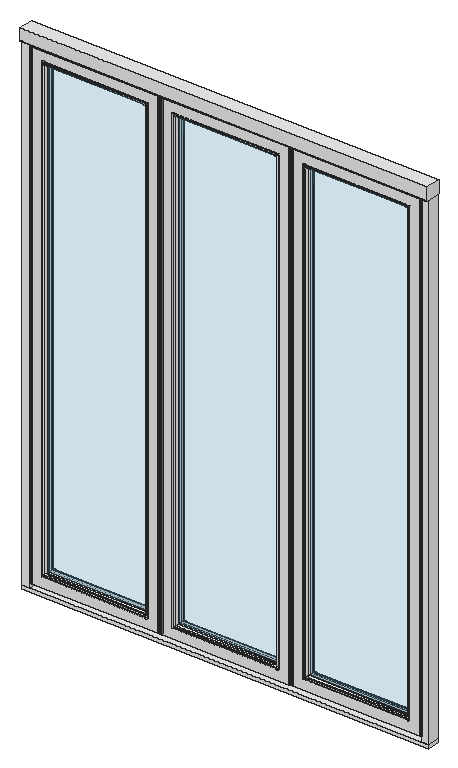
Revit family "Window-NanaWall-WA-67", category Windows, host Wall, Revit 2013 (continued)
Definition of nested family "Left-Jamb_WA-67"
  Definition of nested family "Left-Jamb_Nana_Walls-WD-67"
    Lines and regions (in)
      model lines, style "DetailComponents", in view "Ref. Level", visible <- "Half Peice"
        curve 306: line (5.19599, -0.37884, 0) -> (5.16226, -0.36955, 0)
        curve 307: line (5.19611, -0.53, 0) -> (5.20468, -0.53, 0)
        curve 308: line (5.29603, -0.52212, 0) -> (5.29603, -0.49878, 0)
        curve 309: line (5.29603, -0.49878, 0) -> (5.33085, -0.52814, 0)
        curve 310: line (5.24825, -0.52212, 0) -> (5.24825, -0.49878, 0)
        curve 311: line (5.24825, -0.49878, 0) -> (5.28308, -0.52814, 0)
        curve 312: line (5.26193, -0.3531, 0) -> (5.24501, -0.37895, 0)
        curve 313: line (5.37013, -0.3531, 0) -> (5.27186, -0.37965, 0)
        curve 314: line (5.27186, -0.37965, 0) -> (5.27186, -0.36071, 0)
        curve 315: line (5.41087, -0.55641, 0) -> (5.40754, -0.56555, 0)
        curve 316: line (5.39543, -0.53024, 0) -> (5.3438, -0.52212, 0)
        curve 317: line (5.34646, 0.86764, 0) -> (5.31496, 0.86764, 0)
        curve 318: line (5.31496, 0.86764, 0) -> (5.31496, 0.82827, 0)
        curve 319: line (5.31496, 0.82827, 0) -> (5.31496, 0.86764, 0)
        curve 320: line (5.35249, 0.88058, 0) -> (5.31969, 0.91966, 0)
        curve 321: line (5.47244, 0.69048, 0) -> (5.47244, 0.72372, 0)
        curve 322: line (5.40503, 0.82827, 0) -> (5.31496, 0.82827, 0)
        curve 323: line (5.33729, 0.67079, 0) -> (5.45276, 0.67079, 0)
        curve 324: line (5.20761, 0.87748, 0) -> (5.18488, 0.91685, 0)
        curve 325: line (5.12598, 0.86764, 0) -> (5.15748, 0.86764, 0)
        curve 326: line (5.24778, 0.86764, 0) -> (5.22466, 0.86764, 0)
        curve 327: line (5.15275, 0.91966, 0) -> (5.11995, 0.88058, 0)
        curve 328: line (5.28756, 0.91685, 0) -> (5.26483, 0.87748, 0)
        curve 329: line (5.15748, 0.82827, 0) -> (5.15748, 0.86764, 0)
        curve 330: line (5.15748, 0.86764, 0) -> (5.15748, 0.82827, 0)
        curve 331: line (5.15748, 0.82827, 0) -> (5.11811, 0.82827, 0)
        curve 332: line (5.11811, 0.82827, 0) -> (5.11811, 0.80859, 0)
        curve 333: line (5.1378, 0.7889, 0) -> (5.25764, 0.7889, 0)
        curve 334: line (1.87008, 1.24815, 0) -> (1.87008, 0.90381, 0)
        curve 335: line (1.87008, 0.90381, 0) -> (1.95868, 0.83712, 0)
        curve 336: line (1.83071, 0.56449, 0) -> (1.83071, 1.00544, 0)
        curve 337: line (1.95868, 0.83712, 0) -> (2.05512, 0.9105, 0)
        curve 338: line (2.05512, 0.9105, 0) -> (2.05512, 1.25485, 0)
        curve 339: line (2.08661, 0.56449, 0) -> (2.08661, 1.2889, 0)
        curve 340: line (2.08661, 1.2889, 0) -> (2.08661, 0.56449, 0)
        curve 341: line (1.95356, 0.81022, 0) -> (1.87008, 0.87281, 0)
        curve 342: line (1.87008, 0.87281, 0) -> (1.87008, 0.59205, 0)
        curve 343: line (1.87008, 0.59205, 0) -> (2.05512, 0.59205, 0)
        curve 344: line (2.0748, 0.55268, 0) -> (1.84252, 0.55268, 0)
        curve 345: line (2.05512, 0.59205, 0) -> (2.05512, 0.8795, 0)
        curve 346: line (2.05512, 0.8795, 0) -> (1.96376, 0.81022, 0)
        curve 347: line (1.85804, 1.2979, 0) -> (1.95866, 1.22096, 0)
        curve 348: line (1.95356, 1.19407, 0) -> (1.87657, 1.25115, 0)
        curve 349: line (2.06693, 1.30071, 0) -> (2.0748, 1.30071, 0)
        curve 350: line (1.95866, 1.22096, 0) -> (2.05928, 1.2979, 0)
        curve 351: line (2.04863, 1.25785, 0) -> (1.96376, 1.19407, 0)
        curve 352: line (1.74721, 1.22488, 0) -> (1.68453, 1.13675, 0)
        curve 353: line (1.78543, 1.0399, 0) -> (1.81102, 1.02512, 0)
        curve 354: line (1.74118, 1.14848, 0) -> (1.71645, 1.1137, 0)
        curve 355: line (1.71645, 1.1137, 0) -> (1.74118, 1.07893, 0)
        curve 356: line (1.68453, 1.09066, 0) -> (1.74721, 1.00253, 0)
        curve 357: line (1.79329, 1.14217, 0) -> (1.75395, 1.15302, 0)
        curve 358: line (1.76794, 1.00533, 0) -> (1.77976, 1.03783, 0)
        curve 359: line (1.75395, 1.07439, 0) -> (1.79329, 1.08524, 0)
        curve 360: line (1.81102, 1.20229, 0) -> (1.78543, 1.18751, 0)
        curve 361: line (1.84252, 1.30071, 0) -> (1.85039, 1.30071, 0)
        curve 362: line (1.77976, 1.18958, 0) -> (1.76794, 1.22207, 0)
        curve 364: line (2.30315, 1.24815, 0) -> (2.30315, 0.90381, 0)
        curve 365: line (2.30315, 0.90381, 0) -> (2.21455, 0.83712, 0)
        curve 366: line (2.34252, 0.56449, 0) -> (2.34252, 1.00544, 0)
        curve 367: line (2.21455, 0.83712, 0) -> (2.11811, 0.9105, 0)
        curve 368: line (2.11811, 0.9105, 0) -> (2.11811, 1.25485, 0)
        curve 369: line (2.21967, 0.81022, 0) -> (2.30315, 0.87281, 0)
        curve 370: line (2.30315, 0.87281, 0) -> (2.30315, 0.59205, 0)
        curve 371: line (2.30315, 0.59205, 0) -> (2.11811, 0.59205, 0)
        curve 372: line (2.09843, 0.55268, 0) -> (2.33071, 0.55268, 0)
        curve 373: line (2.11811, 0.59205, 0) -> (2.11811, 0.8795, 0)
        curve 374: line (2.11811, 0.8795, 0) -> (2.20947, 0.81022, 0)
        curve 375: line (2.31519, 1.2979, 0) -> (2.21457, 1.22096, 0)
        curve 376: line (2.21967, 1.19407, 0) -> (2.29666, 1.25115, 0)
        curve 377: line (2.1063, 1.30071, 0) -> (2.09843, 1.30071, 0)
        curve 378: line (2.21457, 1.22096, 0) -> (2.11395, 1.2979, 0)
        curve 379: line (2.1246, 1.25785, 0) -> (2.20947, 1.19407, 0)
        curve 380: line (2.42602, 1.22488, 0) -> (2.4887, 1.13675, 0)
        curve 381: line (2.3878, 1.0399, 0) -> (2.3622, 1.02512, 0)
        curve 382: line (2.43204, 1.14848, 0) -> (2.45678, 1.1137, 0)
        curve 383: line (2.45678, 1.1137, 0) -> (2.43204, 1.07893, 0)
        curve 384: line (2.4887, 1.09066, 0) -> (2.42602, 1.00253, 0)
        curve 385: line (2.37994, 1.14217, 0) -> (2.41928, 1.15302, 0)
        curve 386: line (2.40529, 1.00533, 0) -> (2.39346, 1.03783, 0)
        curve 387: line (2.41928, 1.07439, 0) -> (2.37994, 1.08524, 0)
        curve 388: line (2.3622, 1.20229, 0) -> (2.3878, 1.18751, 0)
        curve 389: line (2.33071, 1.30071, 0) -> (2.32283, 1.30071, 0)
        curve 390: line (2.39346, 1.18958, 0) -> (2.40529, 1.22207, 0)
        curve 391: line (2.34252, 1.2889, 0) -> (2.34252, 1.22197, 0)
        curve 392: line (2.44094, -0.59447, 0) -> (2.34252, -0.60308, 0)
        curve 393: line (1.75494, -0.79436, 0) -> (1.83071, -0.82527, 0)
        curve 394: line (1.83071, -0.82527, 0) -> (1.83071, -1.04181, 0)
        curve 395: line (1.82014, -0.72141, 0) -> (1.7947, -0.73067, 0)
        curve 396: line (1.7947, -0.73067, 0) -> (1.69257, -0.73067, 0)
        curve 397: line (1.69257, -0.73067, 0) -> (1.68019, -0.74032, 0)
        curve 398: line (1.83071, -0.58905, 0) -> (1.83071, -0.67567, 0)
        curve 399: line (1.83071, -0.67567, 0) -> (1.73498, -0.71051, 0)
        curve 400: line (1.71258, -0.77282, 0) -> (1.72549, -0.76228, 0)
        curve 401: line (1.72549, -0.76228, 0) -> (1.78053, -0.76228, 0)
        curve 402: line (1.78053, -0.76228, 0) -> (1.81986, -0.77832, 0)
        curve 403: line (1.63254, -0.7524, 0) -> (1.70735, -0.81933, 0)
        curve 404: line (1.67978, -0.7524, 0) -> (1.70235, -0.77259, 0)
        curve 405: line (1.70869, -0.68127, 0) -> (1.63295, -0.74032, 0)
        curve 406: line (1.72453, -0.70448, 0) -> (1.72129, -0.68611, 0)
        curve 407: line (1.71758, -0.81956, 0) -> (1.74699, -0.79555, 0)
        curve 408: line (1.83071, -0.77103, 0) -> (1.83071, -0.72881, 0)
        curve 409: line (2.08661, -0.58905, 0) -> (2.08661, -1.04181, 0)
        curve 410: line (2.08661, -1.04181, 0) -> (2.08661, -0.58905, 0)
        curve 411: line (2.05118, -0.58511, 0) -> (2.05118, -0.82854, 0)
        curve 412: line (2.05118, -0.82854, 0) -> (1.95866, -0.74913, 0)
        curve 413: line (1.95866, -0.74913, 0) -> (1.86614, -0.82854, 0)
        curve 414: line (1.86614, -0.82854, 0) -> (1.86614, -0.58511, 0)
        curve 415: line (2.04724, -0.54968, 0) -> (1.87008, -0.54968, 0)
        curve 416: line (1.86614, -0.58511, 0) -> (2.05118, -0.58511, 0)
        curve 417: line (1.85039, -1.06149, 0) -> (1.86734, -1.06149, 0)
        curve 418: line (1.86734, -1.06149, 0) -> (1.95866, -0.98275, 0)
        curve 419: line (1.95866, -0.98275, 0) -> (2.04999, -1.06149, 0)
        curve 420: line (2.04999, -1.06149, 0) -> (2.06693, -1.06149, 0)
        curve 421: line (1.86614, -1.02606, 0) -> (1.86614, -0.86464, 0)
        curve 422: line (1.86614, -0.86464, 0) -> (1.95866, -0.78523, 0)
        curve 423: line (1.95866, -0.78523, 0) -> (2.05118, -0.86464, 0)
        curve 424: line (2.05118, -0.86464, 0) -> (2.05118, -1.02606, 0)
        curve 425: line (2.05118, -1.02606, 0) -> (1.95866, -0.94665, 0)
        curve 426: line (1.95866, -0.94665, 0) -> (1.86614, -1.02606, 0)
        curve 427: line (2.41829, -0.79436, 0) -> (2.34252, -0.82527, 0)
        curve 428: line (2.34252, -0.82527, 0) -> (2.34252, -1.04181, 0)
        curve 429: line (2.35309, -0.72141, 0) -> (2.37853, -0.73067, 0)
        curve 430: line (2.37853, -0.73067, 0) -> (2.48066, -0.73067, 0)
        curve 431: line (2.48066, -0.73067, 0) -> (2.49304, -0.74032, 0)
        curve 432: line (2.34252, -0.58905, 0) -> (2.34252, -0.67567, 0)
        curve 433: line (2.34252, -0.67567, 0) -> (2.43825, -0.71051, 0)
        curve 434: line (2.46065, -0.77282, 0) -> (2.44774, -0.76228, 0)
        curve 435: line (2.44774, -0.76228, 0) -> (2.39269, -0.76228, 0)
        curve 436: line (2.39269, -0.76228, 0) -> (2.35337, -0.77832, 0)
        curve 437: line (2.54068, -0.7524, 0) -> (2.46588, -0.81933, 0)
        curve 438: line (2.49345, -0.7524, 0) -> (2.47088, -0.77259, 0)
        curve 439: line (2.46453, -0.68127, 0) -> (2.54027, -0.74032, 0)
        curve 440: line (2.4487, -0.70448, 0) -> (2.45194, -0.68611, 0)
        curve 441: line (2.45565, -0.81956, 0) -> (2.42624, -0.79555, 0)
        curve 442: line (2.34252, -0.77103, 0) -> (2.34252, -0.72881, 0)
        curve 443: line (2.12205, -0.58511, 0) -> (2.12205, -0.82854, 0)
        curve 444: line (2.12205, -0.82854, 0) -> (2.21457, -0.74913, 0)
        curve 445: line (2.21457, -0.74913, 0) -> (2.30709, -0.82854, 0)
        curve 446: line (2.30709, -0.82854, 0) -> (2.30709, -0.58511, 0)
        curve 447: line (2.12598, -0.54968, 0) -> (2.30315, -0.54968, 0)
        curve 448: line (2.30709, -0.58511, 0) -> (2.12205, -0.58511, 0)
        curve 449: line (2.32283, -1.06149, 0) -> (2.30589, -1.06149, 0)
        curve 450: line (2.30589, -1.06149, 0) -> (2.21457, -0.98275, 0)
        curve 451: line (2.21457, -0.98275, 0) -> (2.12324, -1.06149, 0)
        curve 452: line (2.12324, -1.06149, 0) -> (2.1063, -1.06149, 0)
        curve 453: line (2.30709, -1.02606, 0) -> (2.30709, -0.86464, 0)
        curve 454: line (2.30709, -0.86464, 0) -> (2.21457, -0.78523, 0)
        curve 455: line (2.21457, -0.78523, 0) -> (2.12205, -0.86464, 0)
        curve 456: line (2.12205, -0.86464, 0) -> (2.12205, -1.02606, 0)
        curve 457: line (2.12205, -1.02606, 0) -> (2.21457, -0.94665, 0)
        curve 458: line (2.21457, -0.94665, 0) -> (2.30709, -1.02606, 0)
        curve 459: line (4.70472, 1.22197, 0) -> (4.90157, 1.22197, 0)
        curve 460: line (3.27756, -1.29921, 0) -> (2.34252, -1.29921, 0)
        curve 461: line (2.34252, -1.29921, 0) -> (2.34252, -1.05315, 0)
        curve 462: line (2.34252, 1.30071, 0) -> (4.70472, 1.30071, 0)
        curve 463: line (4.70472, 1.30071, 0) -> (4.70472, -1.29771, 0)
        curve 464: line (4.70472, -1.29771, 0) -> (2.34252, -1.29771, 0)
        curve 465: line (2.34252, -1.29771, 0) -> (2.34252, 1.30071, 0)
        curve 466: arc (2.55906, 0.20452, 0) -> (2.56805, 0.15932, 0) -> (2.59365, 0.12101, 0) r 0.11811
        curve 467: arc (2.59365, -0.11801, 0) -> (2.56805, -0.15632, 0) -> (2.55906, -0.20152, 0) r 0.11811
        curve 468: arc (2.3622, -0.60874, 0) -> (2.34829, -0.6145, 0) -> (2.34252, -0.62842, 0) r 0.01969
        curve 469: arc (2.34252, -0.65755, 0) -> (2.34608, -0.66885, 0) -> (2.35547, -0.67605, 0) r 0.01969
        curve 470: arc (2.35547, 0.67905, 0) -> (2.34608, 0.67184, 0) -> (2.34252, 0.66055, 0) r 0.01969
        curve 471: arc (2.34252, 0.63142, 0) -> (2.34829, 0.6175, 0) -> (2.3622, 0.61174, 0) r 0.01969
        curve 472: arc (2.77559, -0.80559, 0) -> (2.76406, -0.77775, 0) -> (2.73622, -0.76622, 0) r 0.03937
        curve 473: arc (2.61811, -0.76622, 0) -> (2.62964, -0.79406, 0) -> (2.65748, -0.80559, 0) r 0.03937
        curve 474: arc (2.81496, -0.66779, 0) -> (2.80343, -0.63995, 0) -> (2.77559, -0.62842, 0) r 0.03937
        curve 475: arc (2.64042, -0.10766, 0) -> (2.62596, -0.09717, 0) -> (2.60896, -0.10269, 0) r 0.01969
        curve 476: arc (2.65692, -0.24895, 0) -> (2.72651, -0.29066, 0) -> (2.80438, -0.31346, 0) r 0.3189
        curve 477: arc (2.64042, -0.10766, 0) -> (2.68869, -0.1724, 0) -> (2.75569, -0.21747, 0) r 0.24016
        curve 478: arc (2.65692, -0.24895, 0) -> (2.64445, -0.2476, 0) -> (2.6378, -0.25822, 0) r 0.01181
        curve 479: arc (2.81496, -0.31346, 0) -> (2.8428, -0.30193, 0) -> (2.85433, -0.27409, 0) r 0.03937
        curve 480: arc (2.75569, -0.21747, 0) -> (2.77446, -0.21605, 0) -> (2.78346, -0.19952, 0) r 0.01969
        curve 481: arc (2.75569, 0.22047, 0) -> (2.68869, 0.17539, 0) -> (2.64042, 0.11066, 0) r 0.24016
        curve 482: arc (2.80438, 0.31646, 0) -> (2.72651, 0.29366, 0) -> (2.65692, 0.25195, 0) r 0.3189
        curve 483: arc (2.60896, 0.10569, 0) -> (2.62596, 0.10017, 0) -> (2.64042, 0.11066, 0) r 0.01969
        curve 484: arc (2.6378, 0.26122, 0) -> (2.64445, 0.2506, 0) -> (2.65692, 0.25195, 0) r 0.01181
        curve 485: arc (2.85433, 0.27709, 0) -> (2.8428, 0.30493, 0) -> (2.81496, 0.31646, 0) r 0.03937
        curve 486: arc (2.78346, 0.20252, 0) -> (2.77446, 0.21905, 0) -> (2.75569, 0.22047, 0) r 0.01969
        curve 487: arc (2.73622, 0.76922, 0) -> (2.76406, 0.78075, 0) -> (2.77559, 0.80859, 0) r 0.03937
        curve 488: arc (2.65748, 0.80859, 0) -> (2.62964, 0.79706, 0) -> (2.61811, 0.76922, 0) r 0.03937
        curve 489: arc (2.77559, 0.63142, 0) -> (2.80343, 0.64295, 0) -> (2.81496, 0.67079, 0) r 0.03937
        curve 490: arc (2.3622, 1.02512, 0) -> (2.34829, 1.01936, 0) -> (2.34252, 1.00544, 0) r 0.01969
        curve 491: arc (2.34252, 1.22197, 0) -> (2.34829, 1.20805, 0) -> (2.3622, 1.20229, 0) r 0.01969
        curve 492: arc (2.5315, 1.24166, 0) -> (2.52573, 1.25558, 0) -> (2.51181, 1.26134, 0) r 0.01969
        curve 493: arc (2.45276, 1.21607, 0) -> (2.46668, 1.22183, 0) -> (2.47244, 1.23575, 0) r 0.01969
        curve 494: arc (2.5315, 0.9267, 0) -> (2.57882, 0.9463, 0) -> (2.59843, 0.99363, 0) r 0.06693
        curve 495: arc (2.51181, 0.96607, 0) -> (2.52573, 0.97183, 0) -> (2.5315, 0.98575, 0) r 0.01969
        curve 496: arc (2.47244, 0.99166, 0) -> (2.46668, 1.00558, 0) -> (2.45276, 1.01134, 0) r 0.01969
        curve 497: arc (2.85433, 1.16292, 0) -> (2.87163, 1.12116, 0) -> (2.91339, 1.10386, 0) r 0.05906
        curve 498: arc (4.70472, 1.12355, 0) -> (4.69896, 1.13747, 0) -> (4.68504, 1.14323, 0) r 0.01969
        curve 499: arc (4.66535, 1.04481, 0) -> (4.68504, 1.02512, 0) -> (4.70472, 1.04481, 0) r 0.01969
        curve 500: arc (4.43701, 0.90701, 0) -> (4.40917, 0.89548, 0) -> (4.39764, 0.86764, 0) r 0.03937
        curve 501: arc (4.39764, 0.76968, 0) -> (4.41257, 0.75022, 0) -> (4.43523, 0.7596, 0) r 0.02015
        curve 502: arc (4.70472, 0.31646, 0) -> (4.68743, 0.35822, 0) -> (4.64567, 0.37552, 0) r 0.05906
        curve 503: arc (4.51575, 0.25741, 0) -> (4.53543, 0.23772, 0) -> (4.55512, 0.25741, 0) r 0.01969
        curve 504: arc (3.83071, 1.10386, 0) -> (3.87247, 1.12116, 0) -> (3.88976, 1.16292, 0) r 0.05906
        curve 505: arc (5.06693, 0.87945, 0) -> (5.08192, 0.84326, 0) -> (5.11811, 0.82827, 0) r 0.05118
        curve 506: arc (5.12598, 1.00544, 0) -> (5.08423, 0.98814, 0) -> (5.06693, 0.94638, 0) r 0.05906
        curve 507: arc (5.34252, 1.02512, 0) -> (5.28256, 1.16988, 0) -> (5.1378, 1.22985, 0) r 0.20472
        curve 508: arc (5.41339, 1.02512, 0) -> (5.33267, 1.21999, 0) -> (5.1378, 1.30071, 0) r 0.27559
        curve 509: arc (5.33465, 1.00544, 0) -> (5.34021, 1.00774, 0) -> (5.34252, 1.01331, 0) r 0.00787
        curve 510: arc (5.01181, 1.10386, 0) -> (5.05357, 1.12116, 0) -> (5.07087, 1.16292, 0) r 0.05906
        curve 511: arc (2.34252, -1.19929, 0) -> (2.37135, -1.26888, 0) -> (2.44094, -1.29771, 0) r 0.09843
        curve 512: arc (2.42126, -0.82527, 0) -> (2.36558, -0.84833, 0) -> (2.34252, -0.90401, 0) r 0.07874
        curve 513: arc (3.0315, 0.9267, 0) -> (2.9619, 0.89787, 0) -> (2.93307, 0.82827, 0) r 0.09843
        curve 514: arc (4.62598, -1.29771, 0) -> (4.68166, -1.27465, 0) -> (4.70472, -1.21897, 0) r 0.07874
        curve 515: arc (4.62598, -1.29771, 0) -> (4.68166, -1.27465, 0) -> (4.70472, -1.21897, 0) r 0.07874
        curve 516: arc (4.70472, -1.01896, 0) -> (4.70012, -1.0063, 0) -> (4.68846, -0.99957, 0) r 0.01969
        curve 517: arc (4.6063, -0.96856, 0) -> (4.6109, -0.98122, 0) -> (4.62257, -0.98795, 0) r 0.01969
        curve 518: arc (4.68846, -0.82814, 0) -> (4.70012, -0.82141, 0) -> (4.70472, -0.80875, 0) r 0.01969
        curve 519: arc (4.62257, -0.83976, 0) -> (4.6109, -0.84649, 0) -> (4.6063, -0.85914, 0) r 0.01969
        curve 562: line (2.61811, -0.76622, 0) -> (2.61811, -0.66779, 0)
        curve 563: line (2.61811, -0.66779, 0) -> (2.44094, -0.66779, 0)
        curve 564: line (2.44094, -0.66779, 0) -> (2.44094, -0.70716, 0)
        curve 565: line (2.44094, -0.70716, 0) -> (2.35547, -0.67605, 0)
        curve 566: line (2.34252, -0.65755, 0) -> (2.34252, -0.62842, 0)
        curve 567: line (2.3622, -0.60874, 0) -> (2.55906, -0.60874, 0)
        curve 568: line (2.55906, -0.60874, 0) -> (2.55906, -0.45203, 0)
        curve 569: line (2.55906, -0.45203, 0) -> (2.57087, -0.43157, 0)
        curve 570: line (2.57087, -0.43157, 0) -> (2.55906, -0.41111, 0)
        curve 571: line (2.55906, -0.41111, 0) -> (2.55906, -0.20152, 0)
        curve 572: line (2.35547, 0.67905, 0) -> (2.44094, 0.71016, 0)
        curve 573: line (2.44094, 0.71016, 0) -> (2.44094, 0.67079, 0)
        curve 574: line (2.44094, 0.67079, 0) -> (2.61811, 0.67079, 0)
        curve 575: line (2.61811, 0.67079, 0) -> (2.61811, 0.76922, 0)
        curve 576: line (2.55906, 0.20452, 0) -> (2.55906, 0.41411, 0)
        curve 577: line (2.55906, 0.41411, 0) -> (2.57087, 0.43457, 0)
        curve 578: line (2.57087, 0.43457, 0) -> (2.55906, 0.45503, 0)
        curve 579: line (2.55906, 0.45503, 0) -> (2.55906, 0.61174, 0)
        curve 580: line (2.55906, 0.61174, 0) -> (2.3622, 0.61174, 0)
        curve 581: line (2.34252, 0.63142, 0) -> (2.34252, 0.66055, 0)
        curve 582: line (2.6378, -0.25822, 0) -> (2.6378, -0.62842, 0)
        curve 583: line (2.6378, -0.62842, 0) -> (2.77559, -0.62842, 0)
        curve 584: line (2.77559, -0.80559, 0) -> (2.65748, -0.80559, 0)
        curve 585: line (2.81496, -0.66779, 0) -> (2.65748, -0.66779, 0)
        curve 586: line (2.65748, -0.66779, 0) -> (2.65748, -0.76622, 0)
        curve 587: line (2.65748, -0.76622, 0) -> (2.73622, -0.76622, 0)
        curve 588: line (2.77559, 0.63142, 0) -> (2.6378, 0.63142, 0)
        curve 589: line (2.6378, 0.63142, 0) -> (2.6378, 0.26122, 0)
        curve 590: line (2.78346, -0.19952, 0) -> (2.78346, 0.20252, 0)
        curve 591: line (2.85433, 0.27709, 0) -> (2.85433, -0.27409, 0)
        curve 592: line (2.59365, -0.11801, 0) -> (2.60896, -0.10269, 0)
        curve 593: line (2.81496, -0.31346, 0) -> (2.80438, -0.31346, 0)
        curve 594: line (2.60896, 0.10569, 0) -> (2.59365, 0.12101, 0)
        curve 595: line (2.80438, 0.31646, 0) -> (2.81496, 0.31646, 0)
        curve 596: line (2.65748, 0.80859, 0) -> (2.77559, 0.80859, 0)
        curve 597: line (2.73622, 0.76922, 0) -> (2.65748, 0.76922, 0)
        curve 598: line (2.65748, 0.76922, 0) -> (2.65748, 0.67079, 0)
        curve 599: line (2.65748, 0.67079, 0) -> (2.81496, 0.67079, 0)
        curve 600: line (2.34252, 1.00544, 0) -> (2.34252, 0.9267, 0)
        curve 601: line (2.34252, 0.9267, 0) -> (2.5315, 0.9267, 0)
        curve 602: line (5.1378, 1.30071, 0) -> (2.34252, 1.30071, 0)
        curve 603: line (2.34252, 1.30071, 0) -> (2.34252, 1.22197, 0)
        curve 604: line (2.59843, 0.99363, 0) -> (2.59843, 1.22985, 0)
        curve 605: line (2.59843, 1.22985, 0) -> (2.85433, 1.22985, 0)
        curve 606: line (2.85433, 1.22985, 0) -> (2.85433, 1.16292, 0)
        curve 607: line (2.5315, 1.24166, 0) -> (2.5315, 0.98575, 0)
        curve 608: line (2.3622, 1.20229, 0) -> (2.38189, 1.20229, 0)
        curve 609: line (2.38189, 1.20229, 0) -> (2.38189, 1.26134, 0)
        curve 610: line (2.38189, 1.26134, 0) -> (2.43307, 1.26134, 0)
        curve 611: line (2.43307, 1.26134, 0) -> (2.43307, 1.21607, 0)
        curve 612: line (2.43307, 1.21607, 0) -> (2.45276, 1.21607, 0)
        curve 613: line (2.47244, 1.23575, 0) -> (2.47244, 1.26134, 0)
        curve 614: line (2.47244, 1.26134, 0) -> (2.51181, 1.26134, 0)
        curve 615: line (2.45276, 1.01134, 0) -> (2.43307, 1.01134, 0)
        curve 616: line (2.43307, 1.01134, 0) -> (2.43307, 0.96607, 0)
        curve 617: line (2.43307, 0.96607, 0) -> (2.38189, 0.96607, 0)
        curve 618: line (2.38189, 0.96607, 0) -> (2.38189, 1.02512, 0)
        curve 619: line (2.38189, 1.02512, 0) -> (2.3622, 1.02512, 0)
        curve 620: line (2.51181, 0.96607, 0) -> (2.47244, 0.96607, 0)
        curve 621: line (2.47244, 0.96607, 0) -> (2.47244, 0.99166, 0)
        curve 622: line (3.88976, 1.16292, 0) -> (3.88976, 1.22985, 0)
        curve 623: line (3.88976, 1.22985, 0) -> (4.51575, 1.22985, 0)
        curve 624: line (4.51575, 1.22985, 0) -> (4.51575, 0.90701, 0)
        curve 625: line (4.51575, 0.90701, 0) -> (4.43701, 0.90701, 0)
        curve 626: line (4.39764, 0.76968, 0) -> (4.39764, 0.86764, 0)
        curve 627: line (4.51575, 0.25741, 0) -> (4.51575, 0.86764, 0)
        curve 628: line (4.51575, 0.86764, 0) -> (4.43701, 0.86764, 0)
        curve 629: line (4.43701, 0.86764, 0) -> (4.43701, 0.80859, 0)
        curve 630: line (4.43701, 0.80859, 0) -> (4.45669, 0.80859, 0)
        curve 631: line (4.70472, 1.12355, 0) -> (4.70472, 1.04481, 0)
        curve 632: line (4.66535, 1.04481, 0) -> (4.66535, 1.10386, 0)
        curve 633: line (4.66535, 1.10386, 0) -> (4.58661, 1.10386, 0)
        curve 634: line (4.58661, 1.10386, 0) -> (4.58661, 0.57314, 0)
        curve 635: line (4.58661, 0.57314, 0) -> (4.5748, 0.55268, 0)
        curve 636: line (4.5748, 0.55268, 0) -> (4.58661, 0.53222, 0)
        curve 637: line (4.58661, 0.53222, 0) -> (4.58661, 0.37552, 0)
        curve 638: line (4.46063, 0.80359, 0) -> (4.43523, 0.7596, 0)
        curve 639: line (4.58661, 0.37552, 0) -> (4.64567, 0.37552, 0)
        curve 640: line (4.70472, 0.31646, 0) -> (4.70472, 0.23772, 0)
        curve 641: line (4.70472, 0.23772, 0) -> (4.64567, 0.23772, 0)
        curve 642: line (4.64567, 0.23772, 0) -> (4.64567, 0.31646, 0)
        curve 643: line (4.64567, 0.31646, 0) -> (4.55512, 0.31646, 0)
        curve 644: line (4.55512, 0.31646, 0) -> (4.55512, 0.25741, 0)
        curve 645: line (3.83071, 1.10386, 0) -> (3.7126, 1.10386, 0)
        curve 646: line (3.7126, 1.10386, 0) -> (3.7126, 1.14323, 0)
        curve 647: line (3.7126, 1.14323, 0) -> (3.83071, 1.14323, 0)
        curve 648: line (3.83071, 1.14323, 0) -> (3.83071, 1.22985, 0)
        curve 649: line (3.83071, 1.22985, 0) -> (2.91339, 1.22985, 0)
        curve 650: line (2.91339, 1.22985, 0) -> (2.91339, 1.14323, 0)
        curve 651: line (2.91339, 1.14323, 0) -> (3.0315, 1.14323, 0)
        curve 652: line (3.0315, 1.14323, 0) -> (3.0315, 1.10386, 0)
        curve 653: line (3.0315, 1.10386, 0) -> (2.91339, 1.10386, 0)
        curve 654: line (5.11811, 0.82827, 0) -> (5.15748, 0.82827, 0)
        curve 655: line (5.15748, 0.82827, 0) -> (5.15748, 0.86764, 0)
        curve 656: line (5.15748, 0.86764, 0) -> (5.15748, 0.82827, 0)
        curve 657: line (5.15748, 0.82827, 0) -> (5.11811, 0.82827, 0)
        curve 658: line (5.40503, 0.82827, 0) -> (5.31496, 0.82827, 0)
        curve 659: line (5.31496, 0.82827, 0) -> (5.41339, 0.82827, 0)
        curve 660: line (5.41339, 0.82827, 0) -> (5.41339, 1.02512, 0)
        curve 661: line (5.07087, 1.16292, 0) -> (5.07087, 1.22985, 0)
        curve 662: line (5.07087, 1.22985, 0) -> (5.1378, 1.22985, 0)
        curve 663: line (5.34252, 1.02512, 0) -> (5.34252, 1.01331, 0)
        curve 664: line (5.33465, 1.00544, 0) -> (5.12598, 1.00544, 0)
        curve 665: line (5.12598, 0.86764, 0) -> (5.15748, 0.86764, 0)
        curve 666: line (5.15748, 0.86764, 0) -> (5.11811, 0.86764, 0)
        curve 667: line (5.11811, 0.86764, 0) -> (5.11811, 0.94638, 0)
        curve 668: line (5.11811, 0.94638, 0) -> (5.35433, 0.94638, 0)
        curve 669: line (5.35433, 0.94638, 0) -> (5.35433, 0.86764, 0)
        curve 670: line (5.35433, 0.86764, 0) -> (5.31496, 0.86764, 0)
        curve 671: line (5.31496, 0.86764, 0) -> (5.31496, 0.82827, 0)
        curve 672: line (5.31496, 0.82827, 0) -> (5.31496, 0.86764, 0)
        curve 673: line (5.31496, 0.86764, 0) -> (5.34646, 0.86764, 0)
        curve 674: line (5.01181, 1.10386, 0) -> (4.93307, 1.10386, 0)
        curve 675: line (4.93307, 1.10386, 0) -> (4.93307, 1.14323, 0)
        curve 676: line (4.93307, 1.14323, 0) -> (5.01181, 1.14323, 0)
        curve 677: line (5.01181, 1.14323, 0) -> (5.01181, 1.22985, 0)
        curve 678: line (5.01181, 1.22985, 0) -> (4.6063, 1.22985, 0)
        curve 679: line (4.6063, 1.22985, 0) -> (4.6063, 1.14323, 0)
        curve 680: line (4.6063, 1.14323, 0) -> (4.68504, 1.14323, 0)
        curve 681: line (5.06693, 0.94638, 0) -> (5.06693, 0.87945, 0)
        curve 682: line (2.44094, -1.29771, 0) -> (4.62598, -1.29771, 0)
        curve 683: line (2.34252, -0.90401, 0) -> (2.34252, -1.19929, 0)
        curve 684: line (2.42126, -0.82527, 0) -> (2.8937, -0.82527, 0)
        curve 685: line (2.8937, -0.82527, 0) -> (2.8937, -0.62842, 0)
        curve 686: line (2.8937, -0.62842, 0) -> (2.6378, -0.62842, 0)
        curve 687: line (2.6378, -0.62842, 0) -> (2.6378, -0.31346, 0)
        curve 688: line (2.6378, -0.31346, 0) -> (2.8937, -0.31346, 0)
        curve 689: line (2.8937, -0.31346, 0) -> (2.8937, 0.31646, 0)
        curve 690: line (2.8937, 0.31646, 0) -> (2.6378, 0.31646, 0)
        curve 691: line (2.6378, 0.31646, 0) -> (2.6378, 0.63142, 0)
        curve 692: line (2.6378, 0.63142, 0) -> (2.93307, 0.63142, 0)
        curve 693: line (2.93307, 0.63142, 0) -> (2.93307, 0.82827, 0)
        curve 694: line (3.0315, 0.9267, 0) -> (4.11295, 0.9267, 0)
        curve 695: line (4.11295, 0.9267, 0) -> (4.23228, 0.67079, 0)
        curve 696: line (4.23228, 0.67079, 0) -> (4.23228, 0.33922, 0)
        curve 697: line (4.23228, 0.33922, 0) -> (4.38976, 0.0015, 0)
        curve 698: line (4.38976, 0.0015, 0) -> (4.70472, 0.0015, 0)
        curve 699: line (4.70472, 0.0015, 0) -> (4.70472, -0.80875, 0)
        curve 700: line (4.6063, -0.85914, 0) -> (4.6063, -0.96856, 0)
        curve 701: line (4.6063, -0.96856, 0) -> (4.6063, -0.85914, 0)
        curve 702: line (4.68846, -0.99957, 0) -> (4.62257, -0.98795, 0)
        curve 703: line (4.70472, -1.05811, 0) -> (4.70472, -1.01896, 0)
        curve 704: line (4.70472, -1.01896, 0) -> (4.70472, -1.21897, 0)
        curve 705: line (4.68846, -0.82814, 0) -> (4.62257, -0.83976, 0)
        curve 799: line (4.70472, -0.37252, 0) -> (4.70472, -1.27803, 0)
        curve 800: line (4.70472, -1.27803, 0) -> (5.06245, -1.27803, 0)
        curve 801: arc (5.06245, -1.27803, 0) -> (5.21429, -1.22276, 0) -> (5.29508, -1.08283, 0) r 0.23622
        curve 802: line (5.29508, -1.08283, 0) -> (5.41339, -0.53, 0)
        curve 803: line (5.41339, -0.53, 0) -> (5.09843, -0.53, 0)
        curve 804: line (5.09843, -0.53, 0) -> (5.09843, -0.37252, 0)
        curve 805: line (5.09843, -0.37252, 0) -> (4.70472, -0.37252, 0)
        curve 806: line (4.70472, -0.37252, 0) -> (4.70472, -1.19929, 0)
        curve 807: line (4.78346, -1.27803, 0) -> (5.06245, -1.27803, 0)
        curve 808: arc (4.70472, -1.19929, 0) -> (4.72779, -1.25497, 0) -> (4.78346, -1.27803, 0) r 0.07874
Definition of nested family "Right-Jamb_WA-67"
  Parameters (values of type "Right-Jamb_WA-67")
    Width = 5' - 0"
    Left Jamb = none
    Height = 9' - 7 1/16"
    Half = yes
    Assembly Code = ""
  Reference planes (in)
    plane 1 "Center (Front/Back)": y = 0
    plane 2: z = 0
    plane 3 "Center (Left/Right)": x = -7.30207
    plane 4 "Top": z = 115.0625
  Forms (in)
    Sweep 1, solid, material <- "Left Jamb"
      path origin (-7.30207, 0, 0) x (0, 1, 0) y (0, 0, -1)
        loop
          line (0, -115.0625) -> (0, 0)
      profile "Profile_Right-Jamb_WA-67 : Profile_Right-Jamb_WA-67" origin (-7.30207, 0, 57.53125) x (0, -1, 0) y (-1, 0, 0)
        loop
          line (-1.29921, 0) -> (-1.29921, -1.77165) -> (1.29921, -1.77165) -> (1.29921, 0) -> (-1.29921, 0)
  Lines and regions (in)
    Masking region 1
      outline origin (0, 0, 0) x (1, 0, 0) y (0, 1, 0)
        loop
          line (-7.30207, 1.29921) -> (-7.30207, -1.29921) -> (-5.53042, -1.29921) -> (-5.53042, 1.29921) -> (-7.30207, 1.29921)
  Dimensions and locks (in)
    "Height": plane 4 "Top" to level
    plane 4 "Top" to level = 9' - 7 1/16"
    aligned and locked: Sweep 1 sketch curve to level
    aligned and locked: plane 3 "Center (Left/Right)" to nested 1
    aligned and locked: nested 1 to plane 1 "Center (Front/Back)"
    aligned and locked: Masking region 1 sketch curve to plane 3 "Center (Left/Right)"
  Automatic sketch dimensions
    Sweep 1 sketch curve to plane 4 "Top" = 0' - 0"
    plane 1 "Center (Front/Back)" to Sweep 1 sketch curve = 0' - 0"
    plane 1 "Center (Front/Back)" to Masking region 1 sketch curve = 0' - 1.29921"
    Masking region 1 sketch curve to plane 1 "Center (Front/Back)" = 0' - 1.29921"
    Masking region 1 sketch curve to Masking region 1 sketch curve = 0' - 1.77165"
  Nested families (in)
    nested 1: "Right-Jamb_Nana_Walls-WD-67" at (-7.24301, 0, 0) x (-1, 0, 0) z (0, 0, 1), half <- "Half", type "Right-Jamb_Nana_Walls-WD-67", detail levels fine
  Definition of nested family "Right-Jamb_Nana_Walls-WD-67"
    Parameters (values of type "Right-Jamb_Nana_Walls-WD-67")
      half [instance] = yes
      SmartBIM Object Version = 1  # constant formula
      SmartBIM Object Created By = "Reed Construction Data"  # constant formula
      Assembly Code = ""
      95 CSI = ""
      04 CSI = ""
    Reference planes (in)
      plane 1 "Center (Front/Back)": y = 0
      plane 2: z = 0
      plane 3 "Center (Left/Right)": x = 0.05906
    Lines and regions (in)
      model lines, style "DetailComponents", in view "Ref. Level", visible <- "half"
        curve 1: line (-1.61417, -0.59447, 0) -> (-1.7126, -0.60308, 0)
        curve 2: line (-1.88976, -0.47171, 0) -> (-1.87795, -0.45126, 0)
        curve 3: line (-2.04724, -0.47171, 0) -> (-2.05906, -0.45126, 0)
        curve 4: arc (-1.61417, -0.28035, 0) -> (-1.55504, -0.18299, 0) -> (-1.52208, -0.07396, 0) r 0.45276
        curve 5: arc (-1.73228, -0.20683, 0) -> (-1.66197, 0.07387, 0) -> (-1.85039, 0.29348, 0) r 0.31496
        curve 6: arc (-1.42716, -0.06599, 0) -> (-1.39377, -0.13473, 0) -> (-1.34017, -0.18922, 0) r 0.23622
        curve 7: arc (-1.34017, -0.18922, 0) -> (-1.32042, -0.19125, 0) -> (-1.30895, -0.17504, 0) r 0.01969
        curve 8: arc (-1.34017, 0.19221, 0) -> (-1.39377, 0.13773, 0) -> (-1.42716, 0.06899, 0) r 0.23622
        curve 9: arc (-1.29921, 0.06679, 0) -> (-1.3189, 0.0015, 0) -> (-1.29921, -0.06379, 0) r 0.11811
        curve 10: arc (-1.30895, 0.17804, 0) -> (-1.32042, 0.19425, 0) -> (-1.34017, 0.19221, 0) r 0.01969
        curve 11: arc (-1.52208, 0.07696, 0) -> (-1.54196, 0.15332, 0) -> (-1.5748, 0.22508, 0) r 0.45276
        curve 12: arc (-1.50267, -0.05756, 0) -> (-1.51538, -0.06221, 0) -> (-1.52208, -0.07396, 0) r 0.01969
        curve 13: arc (-1.52208, 0.07696, 0) -> (-1.51538, 0.06521, 0) -> (-1.50267, 0.06055, 0) r 0.01969
        curve 14: arc (-1.42716, -0.06599, 0) -> (-1.43142, -0.0599, 0) -> (-1.43848, -0.05756, 0) r 0.01181
        curve 15: arc (-1.43848, 0.06055, 0) -> (-1.43142, 0.0629, 0) -> (-1.42716, 0.06899, 0) r 0.01181
        curve 16: arc (-1.81923, -0.29378, 0) -> (-1.75775, -0.26831, 0) -> (-1.73228, -0.20683, 0) r 0.08695
        curve 17: arc (-1.85039, -0.29378, 0) -> (-1.87823, -0.30531, 0) -> (-1.88976, -0.33315, 0) r 0.03937
        curve 18: arc (-1.60361, 0.5544, 0) -> (-1.61057, 0.56776, 0) -> (-1.62494, 0.57229, 0) r 0.01969
        curve 19: arc (-1.83242, 0.55414, 0) -> (-1.84522, 0.54783, 0) -> (-1.85039, 0.53453, 0) r 0.01969
        curve 20: arc (-2.59684, 0.19221, 0) -> (-2.61659, 0.19425, 0) -> (-2.62806, 0.17804, 0) r 0.01969
        curve 21: arc (-2.62806, -0.17504, 0) -> (-2.61659, -0.19125, 0) -> (-2.59684, -0.18922, 0) r 0.01969
        curve 22: arc (-2.08661, 0.29348, 0) -> (-2.27504, 0.07387, 0) -> (-2.20472, -0.20683, 0) r 0.31496
        curve 23: arc (-2.04724, -0.33315, 0) -> (-2.05878, -0.30531, 0) -> (-2.08661, -0.29378, 0) r 0.03937
        curve 24: arc (-2.20472, -0.20683, 0) -> (-2.17926, -0.26831, 0) -> (-2.11778, -0.29378, 0) r 0.08695
        curve 25: arc (-2.59684, -0.18922, 0) -> (-2.54324, -0.13473, 0) -> (-2.50985, -0.06599, 0) r 0.23622
        curve 26: arc (-2.41493, -0.07396, 0) -> (-2.38197, -0.18299, 0) -> (-2.32283, -0.28035, 0) r 0.45276
        curve 27: arc (-2.41493, -0.07396, 0) -> (-2.42163, -0.06221, 0) -> (-2.43434, -0.05756, 0) r 0.01969
        curve 28: arc (-2.43434, 0.06055, 0) -> (-2.42163, 0.06521, 0) -> (-2.41493, 0.07696, 0) r 0.01969
        curve 29: arc (-2.3622, 0.22508, 0) -> (-2.39504, 0.15332, 0) -> (-2.41493, 0.07696, 0) r 0.45276
        curve 30: arc (-2.50985, 0.06899, 0) -> (-2.54324, 0.13773, 0) -> (-2.59684, 0.19221, 0) r 0.23622
        curve 31: arc (-2.49853, -0.05756, 0) -> (-2.50559, -0.0599, 0) -> (-2.50985, -0.06599, 0) r 0.01181
        curve 32: arc (-2.50985, 0.06899, 0) -> (-2.50559, 0.0629, 0) -> (-2.49853, 0.06055, 0) r 0.01181
        curve 33: arc (-2.08661, 0.53453, 0) -> (-2.09179, 0.54783, 0) -> (-2.10458, 0.55414, 0) r 0.01969
        curve 34: arc (-2.31207, 0.57229, 0) -> (-2.32644, 0.56776, 0) -> (-2.33339, 0.5544, 0) r 0.01969
        curve 35: arc (-2.6378, -0.06379, 0) -> (-2.61811, 0.0015, 0) -> (-2.6378, 0.06679, 0) r 0.11811
        curve 36: line (-1.85039, 0.29348, 0) -> (-1.85039, 0.39443, 0)
        curve 37: line (-1.85039, 0.39443, 0) -> (-1.85039, 0.43534, 0)
        curve 38: line (-1.60361, 0.5544, 0) -> (-1.5748, 0.22508, 0)
        curve 39: line (-1.30895, -0.17504, 0) -> (-1.29921, -0.06379, 0)
        curve 40: line (-1.29921, 0.06679, 0) -> (-1.30895, 0.17804, 0)
        curve 41: line (-1.50267, -0.05756, 0) -> (-1.43848, -0.05756, 0)
        curve 42: line (-1.43848, 0.06055, 0) -> (-1.50267, 0.06055, 0)
        curve 43: line (-1.61417, -0.28035, 0) -> (-1.61417, -0.59447, 0)
        curve 44: line (-1.88976, -0.60874, 0) -> (-1.88976, -0.47171, 0)
        curve 45: line (-1.88976, -0.47171, 0) -> (-1.88976, -0.4308, 0)
        curve 46: line (-1.88976, -0.4308, 0) -> (-1.88976, -0.33315, 0)
        curve 47: line (-1.87795, -0.45126, 0) -> (-1.88976, -0.4308, 0)
        curve 48: line (-1.85039, -0.29378, 0) -> (-1.81923, -0.29378, 0)
        curve 49: line (-1.83242, 0.55414, 0) -> (-1.62494, 0.57229, 0)
        curve 50: line (-1.85039, 0.39443, 0) -> (-1.83858, 0.41489, 0)
        curve 51: line (-1.83858, 0.41489, 0) -> (-1.85039, 0.43534, 0)
        curve 52: line (-1.85039, 0.43534, 0) -> (-1.85039, 0.53453, 0)
        curve 53: line (-2.33339, 0.5544, 0) -> (-2.3622, 0.22508, 0)
        curve 54: line (-2.08661, 0.29348, 0) -> (-2.08661, 0.39443, 0)
        curve 55: line (-2.08661, 0.39443, 0) -> (-2.09843, 0.41489, 0)
        curve 56: line (-2.09843, 0.41489, 0) -> (-2.08661, 0.43534, 0)
        curve 57: line (-2.08661, 0.43534, 0) -> (-2.08661, 0.53453, 0)
        curve 58: line (-2.08661, -0.29378, 0) -> (-2.11778, -0.29378, 0)
        curve 59: line (-2.05906, -0.45126, 0) -> (-2.04724, -0.4308, 0)
        curve 60: line (-2.04724, -0.4308, 0) -> (-2.04724, -0.33315, 0)
        curve 61: line (-2.04724, -0.4308, 0) -> (-2.04724, -0.47171, 0)
        curve 62: line (-2.04724, -0.47171, 0) -> (-2.04724, -0.60874, 0)
        curve 63: line (-2.04724, -0.60874, 0) -> (-1.97638, -0.60874, 0)
        curve 64: line (-1.97638, -0.60874, 0) -> (-1.97638, -0.66779, 0)
        curve 65: line (-2.32283, -0.28035, 0) -> (-2.32283, -0.59447, 0)
        curve 66: line (-2.43434, -0.05756, 0) -> (-2.49853, -0.05756, 0)
        curve 67: line (-2.49853, 0.06055, 0) -> (-2.43434, 0.06055, 0)
        curve 68: line (-2.10458, 0.55414, 0) -> (-2.31207, 0.57229, 0)
        curve 69: line (-2.08661, 0.43534, 0) -> (-2.08661, 0.39443, 0)
        curve 70: line (-2.62806, -0.17504, 0) -> (-2.6378, -0.06379, 0)
        curve 71: line (-2.6378, 0.06679, 0) -> (-2.62806, 0.17804, 0)
        curve 72: circle (-1.9685, -1.63236, 0) r 0.16142 normal (0, 0, 1)
        curve 73: circle (-1.9685, -1.63236, 0) r 0.16043 normal (0, 0, 1)
        curve 74: arc (-2.28346, -1.63236, 0) -> (-1.74579, -1.85507, 0) -> (-1.9685, -1.3174, 0) r 0.31496
        curve 75: circle (-1.9685, -1.63236, 0) r 0.1811 normal (0, 0, 1)
        curve 76: arc (-1.65354, -1.33708, 0) -> (-1.65931, -1.32316, 0) -> (-1.67323, -1.3174, 0) r 0.01969
        curve 77: arc (-2.26378, -1.3174, 0) -> (-2.2777, -1.32316, 0) -> (-2.28346, -1.33708, 0) r 0.01969
        curve 78: line (-1.7126, -0.60308, 0) -> (-1.7126, -1.3174, 0)
        curve 79: line (-1.7126, -1.3174, 0) -> (-1.67323, -1.3174, 0)
        curve 80: line (-2.22441, -0.60308, 0) -> (-2.22441, -1.3174, 0)
        curve 81: line (-2.22441, -1.3174, 0) -> (-2.26378, -1.3174, 0)
        curve 82: line (-1.88976, -1.27803, 0) -> (-1.7126, -1.27803, 0)
        curve 83: line (-1.65354, -1.33708, 0) -> (-1.65354, -1.59439, 0)
        curve 84: line (-1.88976, -0.60874, 0) -> (-1.96063, -0.60874, 0)
        curve 85: line (-1.96063, -0.60874, 0) -> (-1.96063, -0.66779, 0)
        curve 86: line (-1.96063, -0.66779, 0) -> (-1.88976, -0.66779, 0)
        curve 87: line (-1.88976, -0.66779, 0) -> (-1.88976, -1.06149, 0)
        curve 88: line (-1.88976, -1.06149, 0) -> (-1.96063, -1.06149, 0)
        curve 89: line (-1.96063, -1.06149, 0) -> (-1.96063, -1.12055, 0)
        curve 90: line (-1.96063, -1.12055, 0) -> (-1.88976, -1.12055, 0)
        curve 91: line (-1.88976, -1.12055, 0) -> (-1.88976, -1.3174, 0)
        curve 92: line (-1.88976, -1.3174, 0) -> (-1.9685, -1.3174, 0)
        curve 93: line (-1.9685, -1.3174, 0) -> (-2.04724, -1.3174, 0)
        curve 94: line (-2.04724, -1.3174, 0) -> (-2.04724, -1.12055, 0)
        curve 95: line (-2.04724, -1.12055, 0) -> (-1.97638, -1.12055, 0)
        curve 96: line (-1.97638, -1.12055, 0) -> (-1.97638, -1.06149, 0)
        curve 97: line (-1.97638, -1.06149, 0) -> (-2.04724, -1.06149, 0)
        curve 98: line (-2.04724, -1.06149, 0) -> (-2.04724, -0.66779, 0)
        curve 99: line (-2.04724, -0.66779, 0) -> (-1.97638, -0.66779, 0)
        curve 100: line (-2.28346, -1.33708, 0) -> (-2.28346, -1.63236, 0)
        curve 101: line (-1.53513, -1.63236, 0) -> (-2.40188, -1.63236, 0)
        curve 102: line (-1.9685, -1.19898, 0) -> (-1.9685, -2.06574, 0)
        curve 103: arc (-4.23228, 0.86764, 0) -> (-4.26012, 0.85611, 0) -> (-4.27165, 0.82827, 0) r 0.03937
        curve 104: arc (-4.12524, 0.37677, 0) -> (-4.11697, 0.40112, 0) -> (-4.11417, 0.42669, 0) r 0.11811
        curve 105: arc (-4.11495, 0.67072, 0) -> (-4.12862, 0.69339, 0) -> (-4.15354, 0.70229, 0) r 0.03937
        curve 106: arc (-4.2126, 0.85977, 0) -> (-4.2149, 0.86534, 0) -> (-4.22047, 0.86764, 0) r 0.00787
        curve 107: arc (-4.56957, 0.47644, 0) -> (-4.54892, 0.43319, 0) -> (-4.51969, 0.3952, 0) r 0.22835
        curve 108: arc (-4.43701, 0.2889, 0) -> (-4.44277, 0.30282, 0) -> (-4.45669, 0.30859, 0) r 0.01969
        curve 109: arc (-4.35039, 0.0015, 0) -> (-4.30809, 0.01383, 0) -> (-4.27903, 0.04696, 0) r 0.07874
        curve 110: arc (-4.51969, 0.04087, 0) -> (-4.50815, 0.01303, 0) -> (-4.48031, 0.0015, 0) r 0.03937
        curve 111: arc (-4.5, 0.30859, 0) -> (-4.51392, 0.30282, 0) -> (-4.51969, 0.2889, 0) r 0.01969
        curve 112: arc (-4.33436, 0.84824, 0) -> (-4.3495, 0.8557, 0) -> (-4.36219, 0.84457, 0) r 0.01519
        curve 113: arc (-4.32283, 0.81646, 0) -> (-4.31943, 0.81843, 0) -> (-4.31943, 0.82237, 0) r 0.00394
        curve 114: arc (-4.37008, 0.70229, 0) -> (-4.384, 0.69652, 0) -> (-4.38976, 0.6826, 0) r 0.01969
        curve 115: arc (-4.51969, 0.71016, 0) -> (-4.54892, 0.67218, 0) -> (-4.56957, 0.62892, 0) r 0.22835
        curve 116: line (-4.5696, 0.48604, 0) -> (-4.56957, 0.47644, 0)
        curve 117: line (-4.56957, 0.62892, 0) -> (-4.5696, 0.61932, 0)
        curve 118: line (-4.5696, 0.58956, 0) -> (-4.5696, 0.5158, 0)
        curve 119: arc (-2.76378, 0.74953, 0) -> (-2.74648, 0.70777, 0) -> (-2.70472, 0.69048, 0) r 0.05906
        curve 120: arc (-2.68504, 1.04481, 0) -> (-2.70234, 1.08656, 0) -> (-2.74409, 1.10386, 0) r 0.05906
        curve 121: arc (-3.0748, 1.10386, 0) -> (-3.04696, 1.11539, 0) -> (-3.03543, 1.14323, 0) r 0.03937
        curve 122: arc (-2.99721, 1.22999, 0) -> (-3.02495, 1.20832, 0) -> (-3.03543, 1.17473, 0) r 0.05906
        curve 123: arc (-3.4685, 1.17473, 0) -> (-3.47899, 1.20832, 0) -> (-3.50673, 1.22999, 0) r 0.05906
        curve 124: arc (-3.4685, 1.14323, 0) -> (-3.45697, 1.11539, 0) -> (-3.42913, 1.10386, 0) r 0.03937
        curve 125: arc (-2.83071, 1.15111, 0) -> (-2.80844, 1.16033, 0) -> (-2.79921, 1.1826, 0) r 0.0315
        curve 126: line (-2.86125, 1.15111, 0) -> (-2.82748, 1.1826, 0)
        curve 127: line (-2.82748, 1.20229, 0) -> (-2.84505, 1.22999, 0)
        curve 128: arc (-2.79921, 1.20229, 0) -> (-2.80365, 1.21841, 0) -> (-2.81572, 1.22999, 0) r 0.0315
        curve 129: arc (-3.68822, 1.22999, 0) -> (-3.70029, 1.21841, 0) -> (-3.70472, 1.20229, 0) r 0.0315
        curve 130: line (-3.65889, 1.22999, 0) -> (-3.67645, 1.20229, 0)
        curve 131: arc (-3.70472, 1.1826, 0) -> (-3.6955, 1.16033, 0) -> (-3.67323, 1.15111, 0) r 0.0315
        curve 132: line (-3.67645, 1.1826, 0) -> (-3.64269, 1.15111, 0)
        curve 152: line (-4.15354, 0.70229, 0) -> (-4.37008, 0.70229, 0)
        curve 153: line (-4.27903, 0.04696, 0) -> (-4.12524, 0.37677, 0)
        curve 154: line (-4.11495, 0.67072, 0) -> (-4.11417, 0.42669, 0)
        curve 155: line (-4.23228, 0.86764, 0) -> (-4.22047, 0.86764, 0)
        curve 156: line (-4.2126, 0.70229, 0) -> (-4.2126, 0.85977, 0)
        curve 157: line (-4.4685, 0.71016, 0) -> (-4.4685, 0.3952, 0)
        curve 158: line (-4.4685, 0.3952, 0) -> (-4.51969, 0.3952, 0)
        curve 159: line (-4.51969, 0.3952, 0) -> (-4.51969, 0.71016, 0)
        curve 160: line (-4.51969, 0.71016, 0) -> (-4.4685, 0.71016, 0)
        curve 161: line (-4.36219, 0.84457, 0) -> (-4.38976, 0.74166, 0)
        curve 162: line (-4.38976, 0.74166, 0) -> (-4.38976, 0.22985, 0)
        curve 163: line (-4.38976, 0.22985, 0) -> (-4.43701, 0.22985, 0)
        curve 164: line (-4.43701, 0.22985, 0) -> (-4.43701, 0.2889, 0)
        curve 165: line (-4.35039, 0.0015, 0) -> (-4.48031, 0.0015, 0)
        curve 166: line (-4.51969, 0.2889, 0) -> (-4.51969, 0.04087, 0)
        curve 167: line (-4.45669, 0.30859, 0) -> (-4.5, 0.30859, 0)
        curve 168: line (-4.32283, 0.81646, 0) -> (-4.34252, 0.81646, 0)
        curve 169: line (-4.34252, 0.81646, 0) -> (-4.34252, 0.74166, 0)
        curve 170: line (-4.34252, 0.74166, 0) -> (-4.27165, 0.74166, 0)
        curve 171: line (-4.27165, 0.74166, 0) -> (-4.27165, 0.82827, 0)
        curve 172: line (-4.31943, 0.82237, 0) -> (-4.33436, 0.84824, 0)
        curve 173: line (-4.5696, 0.5158, 0) -> (-4.57622, 0.51454, 0)
        curve 174: line (-4.57622, 0.51454, 0) -> (-4.57457, 0.50572, 0)
        curve 175: line (-4.57457, 0.50572, 0) -> (-4.57241, 0.49624, 0)
        curve 176: line (-4.57241, 0.49624, 0) -> (-4.5696, 0.48604, 0)
        curve 177: line (-2.53937, 0.76134, 0) -> (-2.53937, 0.70622, 0)
        curve 178: line (-2.53937, 0.70622, 0) -> (-2.55512, 0.69048, 0)
        curve 179: line (-2.55512, 0.69048, 0) -> (-2.70472, 0.69048, 0)
        curve 180: line (-2.76378, 0.74953, 0) -> (-2.76378, 1.10386, 0)
        curve 181: line (-2.64173, 0.77709, 0) -> (-2.74409, 0.77709, 0)
        curve 182: line (-2.68504, 0.77709, 0) -> (-2.68504, 1.04481, 0)
        curve 183: line (-3.03543, 1.14323, 0) -> (-3.03543, 1.17473, 0)
        curve 184: line (-2.74409, 1.10386, 0) -> (-2.95669, 1.10386, 0)
        curve 185: line (-2.95669, 1.10386, 0) -> (-2.95669, 1.15111, 0)
        curve 186: line (-2.95669, 1.15111, 0) -> (-2.83071, 1.15111, 0)
        curve 187: line (-3.42913, 1.10386, 0) -> (-3.0748, 1.10386, 0)
        curve 188: line (-3.4685, 1.14323, 0) -> (-3.4685, 1.17473, 0)
        curve 189: line (-3.35039, 1.10386, 0) -> (-3.35039, 1.22985, 0)
        curve 190: line (-3.35039, 1.22985, 0) -> (-3.15354, 1.22985, 0)
        curve 191: line (-3.15354, 1.22985, 0) -> (-3.15354, 1.10386, 0)
        curve 192: line (-3.67323, 1.15111, 0) -> (-3.54724, 1.15111, 0)
        curve 193: line (-3.54724, 1.15111, 0) -> (-3.54724, 0.9267, 0)
        curve 194: line (-2.82748, 1.1826, 0) -> (-2.82748, 1.20229, 0)
        curve 195: line (-2.79921, 1.1826, 0) -> (-2.79921, 1.20229, 0)
        curve 196: line (-3.67645, 1.1826, 0) -> (-3.67645, 1.20229, 0)
        curve 197: line (-3.70472, 1.1826, 0) -> (-3.70472, 1.20229, 0)
        curve 198: line (-2.91732, 1.10386, 0) -> (-2.91732, 1.15111, 0)
        curve 199: line (-3.58661, 1.15111, 0) -> (-3.58661, 1.02512, 0)
        curve 200: line (-3.58661, 1.02512, 0) -> (-3.57722, 1.02512, 0)
        curve 201: line (-3.57722, 1.02512, 0) -> (-3.57722, 0.9267, 0)
        curve 202: line (-3.57722, 0.9267, 0) -> (-2.76378, 0.9267, 0)
        curve 203: line (-3.50673, 1.22999, 0) -> (-3.68822, 1.22999, 0)
        curve 204: line (-2.99721, 1.22999, 0) -> (-2.81572, 1.22999, 0)
        curve 245: line (-4.5696, 0.61932, 0) -> (-4.57241, 0.60912, 0)
        curve 246: line (-4.57241, 0.60912, 0) -> (-4.57457, 0.59964, 0)
        curve 247: line (-4.57457, 0.59964, 0) -> (-4.57622, 0.59082, 0)
        curve 248: line (-4.57622, 0.59082, 0) -> (-4.5696, 0.58956, 0)
        curve 249: line (-4.58661, 1.22197, 0) -> (-4.78346, 1.22197, 0)
        curve 250: line (-2.22441, 1.30071, 0) -> (-4.58661, 1.30071, 0)
        curve 251: line (-4.58661, 1.30071, 0) -> (-4.58661, -1.29771, 0)
        curve 252: line (-4.58661, -1.29771, 0) -> (-2.22441, -1.29771, 0)
        curve 253: line (-2.22441, -1.29771, 0) -> (-2.22441, 1.30071, 0)
        curve 254: line (-0.77756, -1.29921, 0) -> (-1.7126, -1.29921, 0)
        curve 255: line (-1.7126, -1.29921, 0) -> (-1.7126, -1.05315, 0)
        curve 256: arc (-2.47554, 0.12101, 0) -> (-2.44994, 0.15932, 0) -> (-2.44094, 0.20452, 0) r 0.11811
        curve 257: arc (-2.44094, -0.20152, 0) -> (-2.44994, -0.15632, 0) -> (-2.47554, -0.11801, 0) r 0.11811
        curve 258: arc (-2.22441, -0.62842, 0) -> (-2.23018, -0.6145, 0) -> (-2.24409, -0.60874, 0) r 0.01969
        curve 259: arc (-2.23736, -0.67605, 0) -> (-2.22797, -0.66885, 0) -> (-2.22441, -0.65755, 0) r 0.01969
        curve 260: arc (-2.22441, 0.66055, 0) -> (-2.22797, 0.67184, 0) -> (-2.23736, 0.67905, 0) r 0.01969
        curve 261: arc (-2.24409, 0.61174, 0) -> (-2.23018, 0.6175, 0) -> (-2.22441, 0.63142, 0) r 0.01969
        curve 262: arc (-2.61811, -0.76622, 0) -> (-2.64595, -0.77775, 0) -> (-2.65748, -0.80559, 0) r 0.03937
        curve 263: arc (-2.53937, -0.80559, 0) -> (-2.51153, -0.79406, 0) -> (-2.5, -0.76622, 0) r 0.03937
        curve 264: arc (-2.65748, -0.62842, 0) -> (-2.68532, -0.63995, 0) -> (-2.69685, -0.66779, 0) r 0.03937
        curve 265: arc (-2.49085, -0.10269, 0) -> (-2.50785, -0.09717, 0) -> (-2.52231, -0.10766, 0) r 0.01969
        curve 266: arc (-2.68627, -0.31346, 0) -> (-2.6084, -0.29066, 0) -> (-2.53881, -0.24895, 0) r 0.3189
        curve 267: arc (-2.63758, -0.21747, 0) -> (-2.57058, -0.1724, 0) -> (-2.52231, -0.10766, 0) r 0.24016
        curve 268: arc (-2.51969, -0.25822, 0) -> (-2.52634, -0.2476, 0) -> (-2.53881, -0.24895, 0) r 0.01181
        curve 269: arc (-2.73622, -0.27409, 0) -> (-2.72469, -0.30193, 0) -> (-2.69685, -0.31346, 0) r 0.03937
        curve 270: arc (-2.66535, -0.19952, 0) -> (-2.65635, -0.21605, 0) -> (-2.63758, -0.21747, 0) r 0.01969
        curve 271: arc (-2.52231, 0.11066, 0) -> (-2.57058, 0.17539, 0) -> (-2.63758, 0.22047, 0) r 0.24016
        curve 272: arc (-2.53881, 0.25195, 0) -> (-2.6084, 0.29366, 0) -> (-2.68627, 0.31646, 0) r 0.3189
        curve 273: arc (-2.52231, 0.11066, 0) -> (-2.50785, 0.10017, 0) -> (-2.49085, 0.10569, 0) r 0.01969
        curve 274: arc (-2.53881, 0.25195, 0) -> (-2.52634, 0.2506, 0) -> (-2.51969, 0.26122, 0) r 0.01181
        curve 275: arc (-2.69685, 0.31646, 0) -> (-2.72469, 0.30493, 0) -> (-2.73622, 0.27709, 0) r 0.03937
        curve 276: arc (-2.63758, 0.22047, 0) -> (-2.65635, 0.21905, 0) -> (-2.66535, 0.20252, 0) r 0.01969
        curve 277: arc (-2.65748, 0.80859, 0) -> (-2.64595, 0.78075, 0) -> (-2.61811, 0.76922, 0) r 0.03937
        curve 278: arc (-2.5, 0.76922, 0) -> (-2.51153, 0.79706, 0) -> (-2.53937, 0.80859, 0) r 0.03937
        curve 279: arc (-2.69685, 0.67079, 0) -> (-2.68532, 0.64295, 0) -> (-2.65748, 0.63142, 0) r 0.03937
        curve 280: arc (-2.22441, 1.00544, 0) -> (-2.23018, 1.01936, 0) -> (-2.24409, 1.02512, 0) r 0.01969
        curve 281: arc (-2.24409, 1.20229, 0) -> (-2.23018, 1.20805, 0) -> (-2.22441, 1.22197, 0) r 0.01969
        curve 282: arc (-2.3937, 1.26134, 0) -> (-2.40762, 1.25558, 0) -> (-2.41339, 1.24166, 0) r 0.01969
        curve 283: arc (-2.35433, 1.23575, 0) -> (-2.34857, 1.22183, 0) -> (-2.33465, 1.21607, 0) r 0.01969
        curve 284: arc (-2.48031, 0.99363, 0) -> (-2.46071, 0.9463, 0) -> (-2.41339, 0.9267, 0) r 0.06693
        curve 285: arc (-2.41339, 0.98575, 0) -> (-2.40762, 0.97183, 0) -> (-2.3937, 0.96607, 0) r 0.01969
        curve 286: arc (-2.33465, 1.01134, 0) -> (-2.34857, 1.00558, 0) -> (-2.35433, 0.99166, 0) r 0.01969
        curve 287: arc (-2.79528, 1.10386, 0) -> (-2.75352, 1.12116, 0) -> (-2.73622, 1.16292, 0) r 0.05906
        curve 288: arc (-4.56693, 1.14323, 0) -> (-4.58085, 1.13747, 0) -> (-4.58661, 1.12355, 0) r 0.01969
        curve 289: arc (-4.58661, 1.04481, 0) -> (-4.56693, 1.02512, 0) -> (-4.54724, 1.04481, 0) r 0.01969
        curve 290: arc (-4.27953, 0.86764, 0) -> (-4.29106, 0.89548, 0) -> (-4.3189, 0.90701, 0) r 0.03937
        curve 291: arc (-4.31712, 0.7596, 0) -> (-4.29446, 0.75022, 0) -> (-4.27953, 0.76968, 0) r 0.02015
        curve 292: arc (-4.52756, 0.37552, 0) -> (-4.56932, 0.35822, 0) -> (-4.58661, 0.31646, 0) r 0.05906
        curve 293: arc (-4.43701, 0.25741, 0) -> (-4.41732, 0.23772, 0) -> (-4.39764, 0.25741, 0) r 0.01969
        curve 294: arc (-3.77165, 1.16292, 0) -> (-3.75436, 1.12116, 0) -> (-3.7126, 1.10386, 0) r 0.05906
        curve 295: arc (-5, 0.82827, 0) -> (-4.96381, 0.84326, 0) -> (-4.94882, 0.87945, 0) r 0.05118
        curve 296: arc (-4.94882, 0.94638, 0) -> (-4.96612, 0.98814, 0) -> (-5.00787, 1.00544, 0) r 0.05906
        curve 297: arc (-5.01969, 1.22985, 0) -> (-5.16445, 1.16988, 0) -> (-5.22441, 1.02512, 0) r 0.20472
        curve 298: arc (-5.01969, 1.30071, 0) -> (-5.21456, 1.21999, 0) -> (-5.29528, 1.02512, 0) r 0.27559
        curve 299: arc (-5.22441, 1.01331, 0) -> (-5.2221, 1.00774, 0) -> (-5.21654, 1.00544, 0) r 0.00787
        curve 300: arc (-4.95276, 1.16292, 0) -> (-4.93546, 1.12116, 0) -> (-4.8937, 1.10386, 0) r 0.05906
        curve 301: arc (-2.32283, -1.29771, 0) -> (-2.25324, -1.26888, 0) -> (-2.22441, -1.19929, 0) r 0.09843
        curve 302: arc (-2.22441, -0.90401, 0) -> (-2.24747, -0.84833, 0) -> (-2.30315, -0.82527, 0) r 0.07874
        curve 303: arc (-2.81496, 0.82827, 0) -> (-2.84379, 0.89787, 0) -> (-2.91339, 0.9267, 0) r 0.09843
        curve 304: arc (-4.58661, -1.21897, 0) -> (-4.56355, -1.27465, 0) -> (-4.50787, -1.29771, 0) r 0.07874
        curve 305: arc (-4.58661, -1.21897, 0) -> (-4.56355, -1.27465, 0) -> (-4.50787, -1.29771, 0) r 0.07874
        curve 306: arc (-4.57035, -0.99957, 0) -> (-4.58201, -1.0063, 0) -> (-4.58661, -1.01896, 0) r 0.01969
        curve 307: arc (-4.50446, -0.98795, 0) -> (-4.49279, -0.98122, 0) -> (-4.48819, -0.96856, 0) r 0.01969
        curve 308: arc (-4.58661, -0.80875, 0) -> (-4.58201, -0.82141, 0) -> (-4.57035, -0.82814, 0) r 0.01969
        curve 309: arc (-4.48819, -0.85914, 0) -> (-4.49279, -0.84649, 0) -> (-4.50446, -0.83976, 0) r 0.01969
        curve 356: line (-2.5, -0.76622, 0) -> (-2.5, -0.66779, 0)
        curve 357: line (-2.5, -0.66779, 0) -> (-2.32283, -0.66779, 0)
